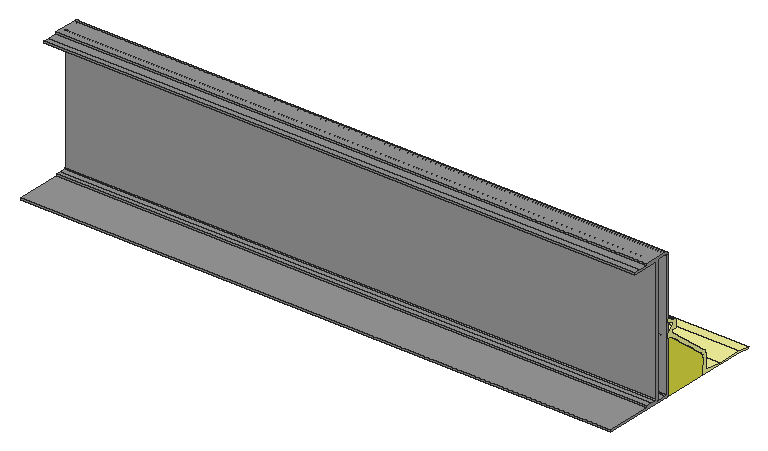
Revit family "HT HD 110", category Generic Models, Revit 2014
Parameters (values of type "Max lintel length 3600mm")
  URL = "http://keystonelintels.com/"
  Structural Opening [instance] = 900 mm
  Structural Performance = "The Keystone lintel range has safe working loads as detailed in each applicable loading table in the Keystone Lintel Guide brochure. The structural performance figures within each table have been ascertained by testing in accordance with the requirements of standards BS EN 5977-2: 1983 and BS EN 845-2: 2003."
  RIBA Productor Selector = "available for Keystone Lintels Ltd from Keystone Lintels Ltd from ribaproductselector.com"
  Model = "HT/HD 110"
  Min Length = 600 mm
  Min Clear Span = 300 mm
  Max Length = 3600 mm
  Max Clear Span = 3600 mm
  Material - Stainless Steel = "Grade 304 2b 1.4307 to BS EN 10088-2. Other grades available on request: contact manufacturer."
  Material - Galvanised Steel = "To BS EN 10346: 2009. DX51D plus Z600 or grade Z275 to BS 5977-2: 1983 (BS EN 845-2: 2003)."
  Manufacturer = "Keystone"
  Manufactured Length [instance] = (roundup(Effective Length / 150 mm) * 150 mm)  # 1200 mm
  Lintel height [instance] = 2100 mm
  Keynote = "F30/755"
  Fire Performance = "Keystone lintels have been subjected to a fire test (WARRES No. 101263) in accordance with BS 476-20: 1987, at Exova Warrington Fire and achieved a one hour fire performance."
  End Bearing = 150 mm
  Effective Length [instance] = Clear Opening with MIN MAX set + End Bearing * 2  # 1200 mm
  Corrosion = "Keystones’s standard range of lintels are manufactured from high quality grade pre-galvanized carbon steel with a zinc coating of 600"
  Contact Tel = "028 86 762184"
  Contact Email = "info@keystonelintels.co.uk"
  Clear Opening with MIN MAX set [instance] = if(Structural Opening < Min Clear Span, Min Clear Span, (if(Structural Opening > Max Clear Span, Max Clear Span, Structural Opening)))  # 900 mm
  CPD Information = "Available for Keystone Lintels Ltd from ribacpd.com"
Reference planes
  plane 1 "Center (Front/Back)": y = 0
  plane 2: z = 0
  plane 3 "Center (Left/Right)": x = 0
  plane 4: x = -600
  plane 5: x = 600
  plane 6: z = 2100
  plane 7: x = -450
  plane 8: x = 450
Forms (mm)
  Extrusion 1, solid, not visible
    sketch origin (0, 835.621, 1226.422) x (0, 1, 0) y (0, 0, 1)
      loop
        line (-575.339, 1001.778) -> (-575.049, 1004.764) -> (-595.547, 1006.754) -> (-637.132, 1006.806) -> (-667.822, 1010.213)
        arc (-667.822, 1010.213) -> (-669.753, 1011.183) -> (-670.531, 1013.199) r 3
        line (-670.531, 1013.199) -> (-670.531, 1036.479)
        arc (-670.531, 1036.479) -> (-671.494, 1040.76) -> (-674.196, 1044.217) r 10
        line (-674.196, 1044.217) -> (-743.448, 1100.913)
        arc (-743.448, 1100.913) -> (-744, 1101.507) -> (-744.373, 1102.226) r 3
        line (-744.373, 1102.226) -> (-744.373, 1106.235) -> (-736.412, 1106.235) -> (-736.412, 1116.659)
        arc (-736.412, 1116.659) -> (-737.446, 1120.32) -> (-740.242, 1122.9) r 7
        line (-740.242, 1122.9) -> (-753.858, 1129.817)
        arc (-753.858, 1129.817) -> (-754.914, 1129.722) -> (-755.291, 1128.73) r 1
        line (-755.291, 1128.73) -> (-754.331, 1123.888) -> (-745.096, 1119.197)
        arc (-745.096, 1119.197) -> (-743.229, 1116.651) -> (-744.171, 1113.638) r 3.5
        line (-744.171, 1113.638) -> (-753.331, 1104.206) -> (-753.331, 1098.614)
        arc (-753.331, 1098.614) -> (-752.745, 1097.2) -> (-751.331, 1096.614) r 2
        line (-751.331, 1096.614) -> (-746.756, 1096.614)
        arc (-746.756, 1096.614) -> (-712.668, 1070.555) -> (-680.612, 1042.034) r 576.819
        arc (-680.612, 1042.034) -> (-675.743, 1034.81) -> (-674.509, 1026.186) r 19.484
        line (-674.509, 1026.186) -> (-675.549, 1013.701) -> (-675.549, 1006.754)
        arc (-675.549, 1006.754) -> (-677.085, 1005.254) -> (-675.549, 1003.754) r 1.5
        line (-675.549, 1003.754) -> (-595.692, 1003.754) -> (-575.339, 1001.778)
    from 0 to 250
  Extrusion 2, solid, not visible
    sketch origin (0, 630.944, 1178.36) x (0, 1, 0) y (0, 0, 1)
      loop
        arc (-758.922, 1003.771) -> (-755.393, 1005.232) -> (-753.931, 1008.761) r 4.991
        line (-753.931, 1008.761) -> (-753.931, 1156.658) -> (-724.798, 1109.098)
        arc (-724.798, 1109.098) -> (-724.625, 1106.006) -> (-727.277, 1104.408) r 3
        line (-727.277, 1104.408) -> (-734.041, 1104.408) -> (-744.041, 1104.408) -> (-744.041, 1101.907) -> (-734.041, 1101.907) -> (-727.28, 1101.907)
        arc (-727.28, 1101.907) -> (-722.433, 1104.806) -> (-722.695, 1110.448) r 5.501
        line (-722.695, 1110.448) -> (-751.425, 1157.6) -> (-751.425, 1185.347) -> (-753.923, 1185.347) -> (-753.923, 1213.708)
        arc (-753.923, 1213.708) -> (-755.388, 1217.246) -> (-758.927, 1218.712) r 5.004
        line (-758.927, 1218.712) -> (-799.977, 1218.712)
        arc (-799.977, 1218.712) -> (-803.506, 1217.25) -> (-804.968, 1213.721) r 4.991
        line (-804.968, 1213.721) -> (-807.88, 1213.721)
        arc (-807.88, 1213.721) -> (-809.342, 1217.25) -> (-812.872, 1218.712) r 4.991
        line (-812.872, 1218.712) -> (-853.922, 1218.712)
        arc (-853.922, 1218.712) -> (-857.461, 1217.246) -> (-858.926, 1213.707) r 5.004
        line (-858.926, 1213.707) -> (-858.926, 1008.751)
        arc (-858.926, 1008.751) -> (-857.461, 1005.213) -> (-853.922, 1003.747) r 5.004
        line (-853.922, 1003.747) -> (-812.872, 1003.747)
        arc (-812.872, 1003.747) -> (-809.324, 1005.227) -> (-807.88, 1008.79) r 4.992
        line (-807.88, 1008.79) -> (-804.987, 1008.79)
        arc (-804.987, 1008.79) -> (-803.517, 1005.241) -> (-799.967, 1003.771) r 5.02
        line (-799.967, 1003.771) -> (-758.922, 1003.771)
      loop
        arc (-758.925, 1006.254) -> (-757.158, 1006.986) -> (-756.425, 1008.754) r 2.5
        line (-756.425, 1008.754) -> (-756.425, 1213.704)
        arc (-756.425, 1213.704) -> (-757.158, 1215.472) -> (-758.925, 1216.204) r 2.5
        line (-758.925, 1216.204) -> (-799.974, 1216.204)
        arc (-799.974, 1216.204) -> (-801.742, 1215.472) -> (-802.474, 1213.704) r 2.5
        line (-802.474, 1213.704) -> (-802.474, 1194.704) -> (-804.974, 1194.704) -> (-804.974, 1027.754) -> (-802.474, 1027.754) -> (-802.474, 1008.754)
        arc (-802.474, 1008.754) -> (-801.742, 1006.986) -> (-799.974, 1006.254) r 2.5
        line (-799.974, 1006.254) -> (-758.925, 1006.254)
      loop
        line (-807.874, 1194.704) -> (-810.374, 1194.704) -> (-810.374, 1213.704)
        arc (-810.374, 1213.704) -> (-811.106, 1215.472) -> (-812.874, 1216.204) r 2.5
        line (-812.874, 1216.204) -> (-853.923, 1216.204)
        arc (-853.923, 1216.204) -> (-855.691, 1215.472) -> (-856.423, 1213.704) r 2.5
        line (-856.423, 1213.704) -> (-856.423, 1008.754)
        arc (-856.423, 1008.754) -> (-855.691, 1006.986) -> (-853.923, 1006.254) r 2.5
        line (-853.923, 1006.254) -> (-812.874, 1006.254)
        arc (-812.874, 1006.254) -> (-811.106, 1006.986) -> (-810.374, 1008.754) r 2.5
        line (-810.374, 1008.754) -> (-810.374, 1027.754) -> (-807.874, 1027.754) -> (-807.874, 1194.704)
    from 0 to 250
  Extrusion 3, solid, not visible
    sketch origin (0, 942.122, 867.671) x (0, 1, 0) y (0, 0, 1)
      loop
        line (-758.925, 1003.754) -> (-675.549, 1003.754)
        arc (-675.549, 1003.754) -> (-677.085, 1005.254) -> (-675.549, 1006.754) r 1.5
        line (-675.549, 1006.754) -> (-675.549, 1013.701) -> (-674.509, 1026.186)
        arc (-674.509, 1026.186) -> (-675.743, 1034.81) -> (-680.612, 1042.034) r 19.484
        arc (-680.612, 1042.034) -> (-712.668, 1070.555) -> (-746.756, 1096.614) r 576.819
        line (-746.756, 1096.614) -> (-753.925, 1096.614) -> (-753.925, 1008.754)
        arc (-753.925, 1008.754) -> (-755.39, 1005.218) -> (-758.925, 1003.754) r 5
    from 0 to 250
  Extrusion 4, solid, material "GRP"
    sketch origin (0, 701.96, -495.223) x (0, 1, 0) y (0, 0, 1)
      loop
        line (-585.466, 2595.223) -> (-565.113, 2593.248) -> (-564.823, 2596.234) -> (-585.32, 2598.223) -> (-626.905, 2598.275) -> (-657.114, 2601.22)
        arc (-657.114, 2601.22) -> (-659.045, 2602.19) -> (-659.823, 2604.206) r 3
        line (-659.823, 2604.206) -> (-659.823, 2627.487)
        arc (-659.823, 2627.487) -> (-660.786, 2631.768) -> (-663.488, 2635.224) r 10
        line (-663.488, 2635.224) -> (-732.74, 2691.921)
        arc (-732.74, 2691.921) -> (-733.292, 2692.514) -> (-733.665, 2693.233) r 3
        line (-733.665, 2693.233) -> (-733.665, 2697.242) -> (-725.704, 2697.242) -> (-725.704, 2707.666)
        arc (-725.704, 2707.666) -> (-726.738, 2711.327) -> (-729.534, 2713.907) r 7
        line (-729.534, 2713.907) -> (-743.149, 2720.824)
        arc (-743.149, 2720.824) -> (-744.206, 2720.729) -> (-744.583, 2719.738) r 1
        line (-744.583, 2719.738) -> (-743.623, 2714.895) -> (-734.388, 2710.204)
        arc (-734.388, 2710.204) -> (-732.521, 2707.658) -> (-733.462, 2704.645) r 3.5
        line (-733.462, 2704.645) -> (-742.623, 2695.213) -> (-742.623, 2689.621)
        arc (-742.623, 2689.621) -> (-742.037, 2688.207) -> (-740.623, 2687.621) r 2
        line (-740.623, 2687.621) -> (-736.048, 2687.621)
        arc (-736.048, 2687.621) -> (-701.96, 2661.562) -> (-669.904, 2633.041) r 576.819
        arc (-669.904, 2633.041) -> (-665.399, 2625.967) -> (-664.283, 2617.656) r 19.5
        line (-664.283, 2617.656) -> (-665.323, 2605.171) -> (-665.323, 2598.223)
        arc (-665.323, 2598.223) -> (-666.823, 2596.723) -> (-665.323, 2595.223) r 1.5
        line (-665.323, 2595.223) -> (-585.466, 2595.223)
    from -450 to 600
  Extrusion 5, solid, material "Insulation"
    sketch origin (0, 701.96, -495.223) x (0, 1, 0) y (0, 0, 1)
      loop
        arc (-665.323, 2595.223) -> (-666.823, 2596.723) -> (-665.323, 2598.223) r 1.5
        line (-665.323, 2598.223) -> (-665.323, 2605.171) -> (-664.283, 2617.656)
        arc (-664.283, 2617.656) -> (-665.399, 2625.967) -> (-669.904, 2633.041) r 19.5
        arc (-669.904, 2633.041) -> (-701.96, 2661.562) -> (-736.048, 2687.621) r 576.819
        line (-736.048, 2687.621) -> (-743.549, 2687.621) -> (-743.549, 2599.235)
        arc (-743.549, 2599.235) -> (-744.721, 2596.406) -> (-747.549, 2595.223) r 4
        line (-747.549, 2595.223) -> (-665.323, 2595.223)
    from -450 to 600
  Extrusion 6, solid, not visible
    sketch origin (0, 1014.069, 1320.856) x (0, 1, 0) y (0, 0, 1)
      loop
        line (-585.466, 995.223) -> (-565.113, 993.248) -> (-564.823, 996.234) -> (-585.32, 998.223) -> (-626.905, 998.275) -> (-657.114, 1001.22)
        arc (-657.114, 1001.22) -> (-659.045, 1002.19) -> (-659.823, 1004.206) r 3
        line (-659.823, 1004.206) -> (-659.823, 1027.487)
        arc (-659.823, 1027.487) -> (-660.786, 1031.768) -> (-663.488, 1035.224) r 10
        line (-663.488, 1035.224) -> (-732.74, 1091.921)
        arc (-732.74, 1091.921) -> (-733.292, 1092.514) -> (-733.665, 1093.233) r 3
        line (-733.665, 1093.233) -> (-733.665, 1097.242) -> (-725.704, 1097.242) -> (-725.704, 1107.666)
        arc (-725.704, 1107.666) -> (-726.738, 1111.327) -> (-729.534, 1113.907) r 7
        line (-729.534, 1113.907) -> (-743.149, 1120.824)
        arc (-743.149, 1120.824) -> (-744.206, 1120.729) -> (-744.583, 1119.738) r 1
        line (-744.583, 1119.738) -> (-743.623, 1114.895) -> (-734.388, 1110.204)
        arc (-734.388, 1110.204) -> (-732.521, 1107.658) -> (-733.462, 1104.645) r 3.5
        line (-733.462, 1104.645) -> (-742.623, 1095.213) -> (-742.623, 1089.621)
        arc (-742.623, 1089.621) -> (-742.037, 1088.207) -> (-740.623, 1087.621) r 2
        line (-740.623, 1087.621) -> (-736.048, 1087.621)
        arc (-736.048, 1087.621) -> (-701.96, 1061.562) -> (-669.904, 1033.041) r 576.819
        arc (-669.904, 1033.041) -> (-665.399, 1025.967) -> (-664.283, 1017.656) r 19.5
        line (-664.283, 1017.656) -> (-665.323, 1005.171) -> (-665.323, 998.223)
        arc (-665.323, 998.223) -> (-666.823, 996.723) -> (-665.323, 995.223) r 1.5
        line (-665.323, 995.223) -> (-585.466, 995.223)
    from 0 to 250
  Extrusion 7, solid, not visible
    sketch origin (0, 583.055, 1257.469) x (0, 1, 0) y (0, 0, 1)
      loop
        line (-869.149, 995.235) -> (-747.549, 995.235)
        arc (-747.549, 995.235) -> (-744.721, 996.406) -> (-743.549, 999.235) r 4
        line (-743.549, 999.235) -> (-743.549, 1148.673) -> (-714.422, 1101.113)
        arc (-714.422, 1101.113) -> (-714.249, 1098.021) -> (-716.901, 1096.423) r 3
        line (-716.901, 1096.423) -> (-723.665, 1096.423) -> (-733.665, 1096.423) -> (-733.665, 1093.923) -> (-723.665, 1093.923) -> (-716.901, 1093.923)
        arc (-716.901, 1093.923) -> (-712.055, 1096.822) -> (-712.318, 1102.463) r 5.5
        line (-712.318, 1102.463) -> (-741.049, 1149.615) -> (-741.049, 1177.362) -> (-743.549, 1177.362) -> (-743.549, 1223.235)
        arc (-743.549, 1223.235) -> (-744.721, 1226.063) -> (-747.549, 1227.235) r 4
        line (-747.549, 1227.235) -> (-789.549, 1227.235) -> (-789.549, 1224.335) -> (-748.749, 1224.335)
        arc (-748.749, 1224.335) -> (-747.123, 1223.661) -> (-746.449, 1222.035) r 2.3
        line (-746.449, 1222.035) -> (-746.449, 1000.135)
        arc (-746.449, 1000.135) -> (-747.035, 998.72) -> (-748.449, 998.135) r 2
        line (-748.449, 998.135) -> (-869.149, 998.135) -> (-869.149, 995.235)
    from 0 to 250
  Extrusion 8, solid, not visible
    sketch origin (0, 1084.89, 721.48) x (0, 1, 0) y (0, 0, 1)
      loop
        line (-779.149, 998.152) -> (-770.589, 998.152)
        arc (-770.589, 998.152) -> (-767.781, 999.315) -> (-766.618, 1002.122) r 3.971
        line (-766.618, 1002.122) -> (-766.618, 1220.336)
        arc (-766.618, 1220.336) -> (-767.795, 1223.169) -> (-770.63, 1224.342) r 4.012
        line (-770.63, 1224.342) -> (-806.649, 1224.342) -> (-816.649, 1224.342) -> (-816.649, 1221.835) -> (-806.649, 1221.835) -> (-771.149, 1221.835)
        arc (-771.149, 1221.835) -> (-769.735, 1221.249) -> (-769.149, 1219.835) r 2
        line (-769.149, 1219.835) -> (-769.149, 1002.635)
        arc (-769.149, 1002.635) -> (-769.734, 1001.22) -> (-771.149, 1000.635) r 2
        line (-771.149, 1000.635) -> (-779.149, 1000.635) -> (-789.149, 1000.635) -> (-789.149, 998.152) -> (-779.149, 998.152)
    from 0 to 250
  Extrusion 9, solid, not visible
    sketch origin (0, 529.46, 877.321) x (0, 1, 0) y (0, 0, 1)
      loop
        arc (-665.323, 995.223) -> (-666.823, 996.723) -> (-665.323, 998.223) r 1.5
        line (-665.323, 998.223) -> (-665.323, 1005.171) -> (-664.283, 1017.656)
        arc (-664.283, 1017.656) -> (-665.399, 1025.967) -> (-669.904, 1033.041) r 19.5
        arc (-669.904, 1033.041) -> (-701.96, 1061.562) -> (-736.048, 1087.621) r 576.819
        line (-736.048, 1087.621) -> (-743.549, 1087.621) -> (-743.549, 999.235)
        arc (-743.549, 999.235) -> (-744.721, 996.406) -> (-747.549, 995.223) r 4
        line (-747.549, 995.223) -> (-665.323, 995.223)
    from 0 to 250
  Extrusion 10, solid, material "Steel"
    sketch origin (0, 701.96, -495.235) x (0, 1, 0) y (0, 0, 1)
      loop
        line (-869.149, 2595.235) -> (-747.549, 2595.235)
        arc (-747.549, 2595.235) -> (-744.721, 2596.406) -> (-743.549, 2599.235) r 4
        line (-743.549, 2599.235) -> (-743.549, 2823.235)
        arc (-743.549, 2823.235) -> (-744.721, 2826.063) -> (-747.549, 2827.235) r 4
        line (-747.549, 2827.235) -> (-789.549, 2827.235) -> (-789.549, 2824.335) -> (-806.649, 2824.335) -> (-816.649, 2824.335) -> (-816.649, 2821.835) -> (-806.649, 2821.835) -> (-771.149, 2821.835)
        arc (-771.149, 2821.835) -> (-769.735, 2821.249) -> (-769.149, 2819.835) r 2
        line (-769.149, 2819.835) -> (-769.149, 2602.635)
        arc (-769.149, 2602.635) -> (-769.734, 2601.22) -> (-771.149, 2600.635) r 2
        line (-771.149, 2600.635) -> (-779.149, 2600.635) -> (-789.149, 2600.635) -> (-789.149, 2598.133) -> (-869.149, 2598.133) -> (-869.149, 2595.235)
      loop
        arc (-766.651, 2602.133) -> (-767.822, 2599.307) -> (-770.648, 2598.137) r 3.997
        line (-770.648, 2598.137) -> (-748.432, 2598.137)
        arc (-748.432, 2598.137) -> (-747.022, 2598.722) -> (-746.438, 2600.133) r 1.994
        line (-746.438, 2600.133) -> (-746.449, 2822.035)
        arc (-746.449, 2822.035) -> (-747.123, 2823.661) -> (-748.749, 2824.335) r 2.3
        line (-748.749, 2824.335) -> (-770.651, 2824.335)
        arc (-770.651, 2824.335) -> (-767.847, 2823.187) -> (-766.651, 2820.402) r 4
        line (-766.651, 2820.402) -> (-766.651, 2602.133)
    from -450 to 600
  Extrusion 11, solid, not visible
    sketch origin (0, 593.04, 1226.859) x (0, 1, 0) y (0, 0, 1)
      loop
        line (-869.149, 995.235) -> (-747.549, 995.235)
        arc (-747.549, 995.235) -> (-744.721, 996.406) -> (-743.549, 999.235) r 4
        line (-743.549, 999.235) -> (-743.549, 1223.235)
        arc (-743.549, 1223.235) -> (-744.721, 1226.063) -> (-747.549, 1227.235) r 4
        line (-747.549, 1227.235) -> (-789.549, 1227.235) -> (-789.549, 1224.335) -> (-806.649, 1224.335) -> (-816.649, 1224.335) -> (-816.649, 1221.835) -> (-806.649, 1221.835) -> (-771.149, 1221.835)
        arc (-771.149, 1221.835) -> (-769.735, 1221.249) -> (-769.149, 1219.835) r 2
        line (-769.149, 1219.835) -> (-769.149, 1002.635)
        arc (-769.149, 1002.635) -> (-769.734, 1001.22) -> (-771.149, 1000.635) r 2
        line (-771.149, 1000.635) -> (-779.149, 1000.635) -> (-789.149, 1000.635) -> (-789.149, 998.133) -> (-869.149, 998.133) -> (-869.149, 995.235)
      loop
        arc (-766.651, 1002.133) -> (-767.822, 999.307) -> (-770.648, 998.137) r 3.997
        line (-770.648, 998.137) -> (-748.432, 998.137)
        arc (-748.432, 998.137) -> (-747.022, 998.722) -> (-746.438, 1000.133) r 1.994
        line (-746.438, 1000.133) -> (-746.449, 1222.035)
        arc (-746.449, 1222.035) -> (-747.123, 1223.661) -> (-748.749, 1224.335) r 2.3
        line (-748.749, 1224.335) -> (-770.651, 1224.335)
        arc (-770.651, 1224.335) -> (-767.847, 1223.187) -> (-766.651, 1220.402) r 4
        line (-766.651, 1220.402) -> (-766.651, 1002.133)
    from 0 to 250
Dimensions and locks
  equal spacing: plane 4, plane 3 "Center (Left/Right)", plane 5
  "Manufactured Length": plane 4 to plane 5
  "Lintel height": plane 6 to level
  "Structural Opening": plane 7 to plane 8
  equal spacing: plane 7, plane 3 "Center (Left/Right)", plane 8
  aligned and locked: level to plane 2
  aligned and locked: Extrusion 4 to plane 6
  aligned and locked: Extrusion 5 to plane 6
  aligned and locked: Extrusion 10 to plane 6
  aligned and locked: plane 5 to Extrusion 4
  aligned and locked: Extrusion 4 to plane 7
  aligned and locked: plane 5 to Extrusion 5
  aligned and locked: Extrusion 5 to plane 7
  aligned and locked: plane 5 to Extrusion 10
  aligned and locked: Extrusion 10 to plane 7
Automatic sketch dimensions
  Extrusion 1 sketch curve to Extrusion 1 sketch curve = 20.353 mm
  Extrusion 1 sketch curve to Extrusion 1 sketch curve = 0.29 mm
  Extrusion 1 sketch curve to Extrusion 1 sketch curve = 1.976 mm
  Extrusion 1 sketch curve to Extrusion 1 sketch curve = 2.986 mm  (x2)
  Extrusion 1 sketch curve to Extrusion 1 sketch curve = 0.145 mm
  Extrusion 1 sketch curve to Extrusion 1 sketch curve = 3 mm
  Extrusion 1 sketch curve to Extrusion 1 sketch curve = 41.44 mm
  Extrusion 1 sketch curve to Extrusion 1 sketch curve = 3.052 mm
  Extrusion 1 sketch curve to Extrusion 1 sketch curve = 38.418 mm
  Extrusion 1 sketch curve to Extrusion 1 sketch curve = 7.727 mm
  Extrusion 1 sketch curve to Extrusion 1 sketch curve = 6.459 mm
  Extrusion 1 sketch curve to Extrusion 1 sketch curve = 0.035 mm  (x2)
  Extrusion 1 sketch curve to Extrusion 1 sketch curve = 1.5 mm
  Extrusion 1 sketch curve to Extrusion 1 sketch curve = 6.948 mm
  Extrusion 1 sketch curve to Extrusion 1 sketch curve = 0.291 mm
  Extrusion 1 sketch curve to Extrusion 1 sketch curve = 23.281 mm
  Extrusion 1 sketch curve to Extrusion 1 sketch curve = 3.978 mm
  Extrusion 1 sketch curve to Extrusion 1 sketch curve = 10.293 mm
  Extrusion 1 sketch curve to Extrusion 1 sketch curve = 19.416 mm
  Extrusion 1 sketch curve to Extrusion 1 sketch curve = 1.622 mm
  Extrusion 1 sketch curve to Extrusion 1 sketch curve = 10.081 mm
  Extrusion 1 sketch curve to Extrusion 1 sketch curve = 0.081 mm
  Extrusion 1 sketch curve to Extrusion 1 sketch curve = 6.415 mm
  Extrusion 1 sketch curve to Extrusion 1 sketch curve = 404.24 mm
  Extrusion 1 sketch curve to Extrusion 1 sketch curve = 378.106 mm
  Extrusion 1 sketch curve to Extrusion 1 sketch curve = 66.145 mm
  Extrusion 1 sketch curve to Extrusion 1 sketch curve = 3.308 mm
  Extrusion 1 sketch curve to Extrusion 1 sketch curve = 4.3 mm
  Extrusion 1 sketch curve to Extrusion 1 sketch curve = 4.575 mm
  Extrusion 1 sketch curve to Extrusion 1 sketch curve = 2 mm
  Extrusion 1 sketch curve to Extrusion 1 sketch curve = 5.592 mm
  Extrusion 1 sketch curve to Extrusion 1 sketch curve = 0.722 mm
  Extrusion 1 sketch curve to Extrusion 1 sketch curve = 12.724 mm
  Extrusion 1 sketch curve to Extrusion 1 sketch curve = 0.925 mm
  Extrusion 1 sketch curve to Extrusion 1 sketch curve = 5.321 mm
  Extrusion 1 sketch curve to Extrusion 1 sketch curve = 7.961 mm
  Extrusion 1 sketch curve to Extrusion 1 sketch curve = 1.312 mm
  Extrusion 1 sketch curve to Extrusion 1 sketch curve = 3.021 mm
  Extrusion 1 sketch curve to Extrusion 1 sketch curve = 2.511 mm
  Extrusion 1 sketch curve to Extrusion 1 sketch curve = 2.438 mm
  Extrusion 1 sketch curve to Extrusion 1 sketch curve = 1.585 mm
  Extrusion 1 sketch curve to Extrusion 1 sketch curve = 9.235 mm
  Extrusion 1 sketch curve to Extrusion 1 sketch curve = 4.691 mm
  Extrusion 1 sketch curve to Extrusion 1 sketch curve = 1.684 mm
  Extrusion 1 sketch curve to Extrusion 1 sketch curve = 4.854 mm
  Extrusion 1 sketch curve to Extrusion 1 sketch curve = 0.474 mm
  Extrusion 1 sketch curve to Extrusion 1 sketch curve = 5.928 mm
  Extrusion 1 sketch curve to Extrusion 1 sketch curve = 1.434 mm
  Extrusion 1 sketch curve to Extrusion 1 sketch curve = 1.086 mm
  Extrusion 1 sketch curve to Extrusion 1 sketch curve = 0.981 mm
  Extrusion 1 sketch curve to Extrusion 1 sketch curve = 2.825 mm
  Extrusion 2 sketch curve to Extrusion 2 sketch curve = 0.003 mm  (x8)
  Extrusion 2 sketch curve to Extrusion 2 sketch curve = 0.015 mm
  Extrusion 2 sketch curve to Extrusion 2 sketch curve = 0.001 mm  (x3)
  Extrusion 2 sketch curve to Extrusion 2 sketch curve = 0 mm  (x5)
  Extrusion 2 sketch curve to Extrusion 2 sketch curve = 2.503 mm
  Extrusion 2 sketch curve to Extrusion 2 sketch curve = 2.501 mm
  Extrusion 2 sketch curve to Extrusion 2 sketch curve = 2.5 mm  (x8)
  Extrusion 2 sketch curve to Extrusion 2 sketch curve = 41.049 mm  (x2)
  Extrusion 2 sketch curve to Extrusion 2 sketch curve = 2.497 mm  (x2)
  Extrusion 2 sketch curve to Extrusion 2 sketch curve = 2.9 mm
  Extrusion 2 sketch curve to Extrusion 2 sketch curve = 2.507 mm
  Extrusion 2 sketch curve to Extrusion 2 sketch curve = 41.052 mm
  Extrusion 2 sketch curve to Extrusion 2 sketch curve = 41.05 mm
  Extrusion 2 sketch curve to Extrusion 2 sketch curve = 7.385 mm
  Extrusion 2 sketch curve to Extrusion 2 sketch curve = 10 mm
  Extrusion 2 sketch curve to Extrusion 2 sketch curve = 6.764 mm
  Extrusion 2 sketch curve to Extrusion 2 sketch curve = 2.481 mm
  Extrusion 2 sketch curve to Extrusion 2 sketch curve = 2.103 mm
  Extrusion 2 sketch curve to Extrusion 2 sketch curve = 0.036 mm  (x2)
  Extrusion 2 sketch curve to Extrusion 2 sketch curve = 19 mm
  Extrusion 2 sketch curve to Extrusion 2 sketch curve = 93.146 mm
  Extrusion 2 sketch curve to Extrusion 2 sketch curve = 1.69 mm
  Extrusion 2 sketch curve to Extrusion 2 sketch curve = 1.35 mm
  Extrusion 2 sketch curve to Extrusion 2 sketch curve = 53.192 mm
  Extrusion 2 sketch curve to Extrusion 2 sketch curve = 37.105 mm
  Extrusion 2 sketch curve to Extrusion 2 sketch curve = 19.016 mm
  Extrusion 2 sketch curve to Extrusion 2 sketch curve = 0.941 mm
  Extrusion 2 sketch curve to Extrusion 2 sketch curve = 27.747 mm
  Extrusion 2 sketch curve to Extrusion 2 sketch curve = 0.008 mm
  Extrusion 2 sketch curve to Extrusion 2 sketch curve = 0.016 mm  (x2)
  Extrusion 2 sketch curve to Extrusion 2 sketch curve = 2.506 mm
  Extrusion 2 sketch curve to Extrusion 2 sketch curve = 0.007 mm
  Extrusion 2 sketch curve to Extrusion 2 sketch curve = 2.494 mm
  Extrusion 3 sketch curve to Extrusion 3 sketch curve = 0.035 mm  (x2)
  Extrusion 3 sketch curve to Extrusion 3 sketch curve = 1.5 mm
  Extrusion 3 sketch curve to Extrusion 3 sketch curve = 6.948 mm
  Extrusion 3 sketch curve to Extrusion 3 sketch curve = 1.04 mm
  Extrusion 3 sketch curve to Extrusion 3 sketch curve = 12.485 mm
  Extrusion 3 sketch curve to Extrusion 3 sketch curve = 19.416 mm
  Extrusion 3 sketch curve to Extrusion 3 sketch curve = 1.622 mm
  Extrusion 3 sketch curve to Extrusion 3 sketch curve = 6.103 mm
  Extrusion 3 sketch curve to Extrusion 3 sketch curve = 320.864 mm
  Extrusion 3 sketch curve to Extrusion 3 sketch curve = 378.106 mm
  Extrusion 3 sketch curve to Extrusion 3 sketch curve = 66.145 mm
  Extrusion 3 sketch curve to Extrusion 3 sketch curve = 7.169 mm
  Extrusion 3 sketch curve to Extrusion 3 sketch curve = 0 mm
  Extrusion 3 sketch curve to Extrusion 3 sketch curve = 5 mm  (x2)
  Extrusion 4 sketch curve to Extrusion 4 sketch curve = 20.353 mm
  Extrusion 4 sketch curve to Extrusion 4 sketch curve = 0.29 mm
  Extrusion 4 sketch curve to Extrusion 4 sketch curve = 1.976 mm
  Extrusion 4 sketch curve to Extrusion 4 sketch curve = 2.986 mm  (x2)
  Extrusion 4 sketch curve to Extrusion 4 sketch curve = 0.145 mm
  Extrusion 4 sketch curve to Extrusion 4 sketch curve = 3 mm  (x2)
  Extrusion 4 sketch curve to Extrusion 4 sketch curve = 79.857 mm
  Extrusion 4 sketch curve to Extrusion 4 sketch curve = 38.418 mm
  Extrusion 4 sketch curve to Extrusion 4 sketch curve = 3.052 mm
  Extrusion 4 sketch curve to Extrusion 4 sketch curve = 8.209 mm
  Extrusion 4 sketch curve to Extrusion 4 sketch curve = 5.997 mm
  Extrusion 4 sketch curve to Extrusion 4 sketch curve = 1.5 mm
  Extrusion 4 sketch curve to Extrusion 4 sketch curve = 6.948 mm
  Extrusion 4 sketch curve to Extrusion 4 sketch curve = 0.291 mm
  Extrusion 4 sketch curve to Extrusion 4 sketch curve = 22.316 mm
  Extrusion 4 sketch curve to Extrusion 4 sketch curve = 4.46 mm
  Extrusion 4 sketch curve to Extrusion 4 sketch curve = 9.831 mm
  Extrusion 4 sketch curve to Extrusion 4 sketch curve = 19.433 mm
  Extrusion 4 sketch curve to Extrusion 4 sketch curve = 1.619 mm
  Extrusion 4 sketch curve to Extrusion 4 sketch curve = 10.081 mm
  Extrusion 4 sketch curve to Extrusion 4 sketch curve = 0.081 mm
  Extrusion 4 sketch curve to Extrusion 4 sketch curve = 6.415 mm
  Extrusion 4 sketch curve to Extrusion 4 sketch curve = 62.836 mm
  Extrusion 4 sketch curve to Extrusion 4 sketch curve = 58.88 mm
  Extrusion 4 sketch curve to Extrusion 4 sketch curve = 403.758 mm
  Extrusion 4 sketch curve to Extrusion 4 sketch curve = 378.569 mm
  Extrusion 4 sketch curve to Extrusion 4 sketch curve = 3.308 mm
  Extrusion 4 sketch curve to Extrusion 4 sketch curve = 4.575 mm
  Extrusion 4 sketch curve to Extrusion 4 sketch curve = 2 mm
  Extrusion 4 sketch curve to Extrusion 4 sketch curve = 5.592 mm
  Extrusion 4 sketch curve to Extrusion 4 sketch curve = 1.9 mm
  Extrusion 4 sketch curve to Extrusion 4 sketch curve = 2.321 mm
  Extrusion 4 sketch curve to Extrusion 4 sketch curve = 0.925 mm
  Extrusion 4 sketch curve to Extrusion 4 sketch curve = 5.136 mm
  Extrusion 4 sketch curve to Extrusion 4 sketch curve = 3.021 mm
  Extrusion 4 sketch curve to Extrusion 4 sketch curve = 2.511 mm
  Extrusion 4 sketch curve to Extrusion 4 sketch curve = 2.438 mm
  Extrusion 4 sketch curve to Extrusion 4 sketch curve = 1.585 mm
  Extrusion 4 sketch curve to Extrusion 4 sketch curve = 9.235 mm
  Extrusion 4 sketch curve to Extrusion 4 sketch curve = 4.691 mm
  Extrusion 4 sketch curve to Extrusion 4 sketch curve = 1.684 mm
  Extrusion 4 sketch curve to Extrusion 4 sketch curve = 4.854 mm
  Extrusion 4 sketch curve to Extrusion 4 sketch curve = 0.474 mm
  Extrusion 4 sketch curve to Extrusion 4 sketch curve = 5.928 mm
  Extrusion 4 sketch curve to Extrusion 4 sketch curve = 0.453 mm
  Extrusion 4 sketch curve to Extrusion 4 sketch curve = 0.892 mm
  Extrusion 4 sketch curve to Extrusion 4 sketch curve = 0.981 mm
  Extrusion 4 sketch curve to Extrusion 4 sketch curve = 18.879 mm
  Extrusion 4 sketch curve to Extrusion 4 sketch curve = 7.403 mm
  Extrusion 5 sketch curve to Extrusion 5 sketch curve = 0 mm  (x4)
  Extrusion 5 sketch curve to Extrusion 5 sketch curve = 4 mm
  Extrusion 5 sketch curve to Extrusion 5 sketch curve = 4.011 mm
  Extrusion 5 sketch curve to Extrusion 5 sketch curve = 88.387 mm
  Extrusion 5 sketch curve to Extrusion 5 sketch curve = 1.5 mm  (x2)
  Extrusion 5 sketch curve to Extrusion 5 sketch curve = 6.948 mm
  Extrusion 5 sketch curve to Extrusion 5 sketch curve = 1.04 mm
  Extrusion 5 sketch curve to Extrusion 5 sketch curve = 12.485 mm
  Extrusion 5 sketch curve to Extrusion 5 sketch curve = 19.433 mm
  Extrusion 5 sketch curve to Extrusion 5 sketch curve = 1.619 mm
  Extrusion 5 sketch curve to Extrusion 5 sketch curve = 5.621 mm
  Extrusion 5 sketch curve to Extrusion 5 sketch curve = 321.532 mm
  Extrusion 5 sketch curve to Extrusion 5 sketch curve = 66.145 mm
  Extrusion 5 sketch curve to Extrusion 5 sketch curve = 7.501 mm
  Extrusion 6 sketch curve to Extrusion 6 sketch curve = 20.353 mm
  Extrusion 6 sketch curve to Extrusion 6 sketch curve = 0.29 mm
  Extrusion 6 sketch curve to Extrusion 6 sketch curve = 1.976 mm
  Extrusion 6 sketch curve to Extrusion 6 sketch curve = 2.986 mm  (x2)
  Extrusion 6 sketch curve to Extrusion 6 sketch curve = 0.145 mm
  Extrusion 6 sketch curve to Extrusion 6 sketch curve = 3 mm  (x2)
  Extrusion 6 sketch curve to Extrusion 6 sketch curve = 79.857 mm
  Extrusion 6 sketch curve to Extrusion 6 sketch curve = 38.418 mm
  Extrusion 6 sketch curve to Extrusion 6 sketch curve = 3.052 mm
  Extrusion 6 sketch curve to Extrusion 6 sketch curve = 8.209 mm
  Extrusion 6 sketch curve to Extrusion 6 sketch curve = 5.997 mm
  Extrusion 6 sketch curve to Extrusion 6 sketch curve = 1.5 mm
  Extrusion 6 sketch curve to Extrusion 6 sketch curve = 6.948 mm
  Extrusion 6 sketch curve to Extrusion 6 sketch curve = 0.291 mm
  Extrusion 6 sketch curve to Extrusion 6 sketch curve = 22.316 mm
  Extrusion 6 sketch curve to Extrusion 6 sketch curve = 4.46 mm
  Extrusion 6 sketch curve to Extrusion 6 sketch curve = 9.831 mm
  Extrusion 6 sketch curve to Extrusion 6 sketch curve = 19.433 mm
  Extrusion 6 sketch curve to Extrusion 6 sketch curve = 1.619 mm
  Extrusion 6 sketch curve to Extrusion 6 sketch curve = 10.081 mm
  Extrusion 6 sketch curve to Extrusion 6 sketch curve = 0.081 mm
  Extrusion 6 sketch curve to Extrusion 6 sketch curve = 6.415 mm
  Extrusion 6 sketch curve to Extrusion 6 sketch curve = 62.836 mm
  Extrusion 6 sketch curve to Extrusion 6 sketch curve = 58.88 mm
  Extrusion 6 sketch curve to Extrusion 6 sketch curve = 403.758 mm
  Extrusion 6 sketch curve to Extrusion 6 sketch curve = 378.569 mm
  Extrusion 6 sketch curve to Extrusion 6 sketch curve = 3.308 mm
  Extrusion 6 sketch curve to Extrusion 6 sketch curve = 4.575 mm
  Extrusion 6 sketch curve to Extrusion 6 sketch curve = 2 mm
  Extrusion 6 sketch curve to Extrusion 6 sketch curve = 5.592 mm
  Extrusion 6 sketch curve to Extrusion 6 sketch curve = 1.9 mm
  Extrusion 6 sketch curve to Extrusion 6 sketch curve = 2.321 mm
  Extrusion 6 sketch curve to Extrusion 6 sketch curve = 0.925 mm
  Extrusion 6 sketch curve to Extrusion 6 sketch curve = 5.136 mm
  Extrusion 6 sketch curve to Extrusion 6 sketch curve = 3.021 mm
  Extrusion 6 sketch curve to Extrusion 6 sketch curve = 2.511 mm
  Extrusion 6 sketch curve to Extrusion 6 sketch curve = 2.438 mm
  Extrusion 6 sketch curve to Extrusion 6 sketch curve = 1.585 mm
  Extrusion 6 sketch curve to Extrusion 6 sketch curve = 9.235 mm
  Extrusion 6 sketch curve to Extrusion 6 sketch curve = 4.691 mm
  Extrusion 6 sketch curve to Extrusion 6 sketch curve = 1.684 mm
  Extrusion 6 sketch curve to Extrusion 6 sketch curve = 4.854 mm
  Extrusion 6 sketch curve to Extrusion 6 sketch curve = 0.474 mm
  Extrusion 6 sketch curve to Extrusion 6 sketch curve = 5.928 mm
  Extrusion 6 sketch curve to Extrusion 6 sketch curve = 0.453 mm
  Extrusion 6 sketch curve to Extrusion 6 sketch curve = 0.892 mm
  Extrusion 6 sketch curve to Extrusion 6 sketch curve = 0.981 mm
  Extrusion 6 sketch curve to Extrusion 6 sketch curve = 18.879 mm
  Extrusion 6 sketch curve to Extrusion 6 sketch curve = 7.403 mm
  Extrusion 7 sketch curve to Extrusion 7 sketch curve = 0 mm  (x8)
  Extrusion 7 sketch curve to Extrusion 7 sketch curve = 79.6 mm
  Extrusion 7 sketch curve to Extrusion 7 sketch curve = 40.8 mm
  Extrusion 7 sketch curve to Extrusion 7 sketch curve = 0.9 mm  (x2)
  Extrusion 7 sketch curve to Extrusion 7 sketch curve = 1.2 mm  (x3)
  Extrusion 7 sketch curve to Extrusion 7 sketch curve = 1.1 mm  (x2)
  Extrusion 7 sketch curve to Extrusion 7 sketch curve = 2.9 mm  (x4)
  Extrusion 7 sketch curve to Extrusion 7 sketch curve = 7.385 mm
  Extrusion 7 sketch curve to Extrusion 7 sketch curve = 10 mm
  Extrusion 7 sketch curve to Extrusion 7 sketch curve = 6.764 mm
  Extrusion 7 sketch curve to Extrusion 7 sketch curve = 2.479 mm
  Extrusion 7 sketch curve to Extrusion 7 sketch curve = 2.105 mm
  Extrusion 7 sketch curve to Extrusion 7 sketch curve = 93.788 mm
  Extrusion 7 sketch curve to Extrusion 7 sketch curve = 2.5 mm  (x3)
  Extrusion 7 sketch curve to Extrusion 7 sketch curve = 1.69 mm
  Extrusion 7 sketch curve to Extrusion 7 sketch curve = 1.35 mm
  Extrusion 7 sketch curve to Extrusion 7 sketch curve = 53.192 mm
  Extrusion 7 sketch curve to Extrusion 7 sketch curve = 72.42 mm
  Extrusion 7 sketch curve to Extrusion 7 sketch curve = 0.941 mm
  Extrusion 7 sketch curve to Extrusion 7 sketch curve = 27.747 mm
  Extrusion 7 sketch curve to Extrusion 7 sketch curve = 14.785 mm
  Extrusion 8 sketch curve to Extrusion 8 sketch curve = 10 mm  (x2)
  Extrusion 8 sketch curve to Extrusion 8 sketch curve = 0 mm  (x6)
  Extrusion 8 sketch curve to Extrusion 8 sketch curve = 17.5 mm
  Extrusion 8 sketch curve to Extrusion 8 sketch curve = 8.001 mm
  Extrusion 8 sketch curve to Extrusion 8 sketch curve = 0.56 mm
  Extrusion 8 sketch curve to Extrusion 8 sketch curve = 0.519 mm
  Extrusion 8 sketch curve to Extrusion 8 sketch curve = 2.483 mm
  Extrusion 8 sketch curve to Extrusion 8 sketch curve = 1.488 mm
  Extrusion 8 sketch curve to Extrusion 8 sketch curve = 0.512 mm
  Extrusion 8 sketch curve to Extrusion 8 sketch curve = 217.2 mm
  Extrusion 8 sketch curve to Extrusion 8 sketch curve = 0.495 mm
  Extrusion 8 sketch curve to Extrusion 8 sketch curve = 0.502 mm
  Extrusion 8 sketch curve to Extrusion 8 sketch curve = 2.507 mm
  Extrusion 8 sketch curve to Extrusion 8 sketch curve = 1.481 mm
  Extrusion 8 sketch curve to Extrusion 8 sketch curve = 0.001 mm
  Extrusion 9 sketch curve to Extrusion 9 sketch curve = 0 mm  (x4)
  Extrusion 9 sketch curve to Extrusion 9 sketch curve = 4 mm
  Extrusion 9 sketch curve to Extrusion 9 sketch curve = 4.011 mm
  Extrusion 9 sketch curve to Extrusion 9 sketch curve = 88.387 mm
  Extrusion 9 sketch curve to Extrusion 9 sketch curve = 1.5 mm  (x2)
  Extrusion 9 sketch curve to Extrusion 9 sketch curve = 6.948 mm
  Extrusion 9 sketch curve to Extrusion 9 sketch curve = 1.04 mm
  Extrusion 9 sketch curve to Extrusion 9 sketch curve = 12.485 mm
  Extrusion 9 sketch curve to Extrusion 9 sketch curve = 19.433 mm
  Extrusion 9 sketch curve to Extrusion 9 sketch curve = 1.619 mm
  Extrusion 9 sketch curve to Extrusion 9 sketch curve = 5.621 mm
  Extrusion 9 sketch curve to Extrusion 9 sketch curve = 321.532 mm
  Extrusion 9 sketch curve to Extrusion 9 sketch curve = 66.145 mm
  Extrusion 9 sketch curve to Extrusion 9 sketch curve = 7.501 mm
  Extrusion 10 sketch curve to Extrusion 10 sketch curve = 52.5 mm
  Extrusion 10 sketch curve to Extrusion 10 sketch curve = 10 mm
  Extrusion 10 sketch curve to Extrusion 10 sketch curve = 0 mm  (x6)
  Extrusion 10 sketch curve to Extrusion 10 sketch curve = 17.1 mm
  Extrusion 10 sketch curve to Extrusion 10 sketch curve = 18.001 mm
  Extrusion 10 sketch curve to Extrusion 10 sketch curve = 18.4 mm
  Extrusion 10 sketch curve to Extrusion 10 sketch curve = 0.501 mm  (x2)
  Extrusion 10 sketch curve to Extrusion 10 sketch curve = 4 mm
  Extrusion 10 sketch curve to Extrusion 10 sketch curve = 17.902 mm
  Extrusion 10 sketch curve to Extrusion 10 sketch curve = 18.219 mm
  Extrusion 10 sketch curve to Extrusion 10 sketch curve = 0.883 mm
  Extrusion 10 sketch curve to Extrusion 10 sketch curve = 1.2 mm  (x3)
  Extrusion 10 sketch curve to Extrusion 10 sketch curve = 1.111 mm
  Extrusion 10 sketch curve to Extrusion 10 sketch curve = 1.1 mm
  Extrusion 10 sketch curve to Extrusion 10 sketch curve = 2.889 mm
  Extrusion 10 sketch curve to Extrusion 10 sketch curve = 2.9 mm
  Extrusion 10 sketch curve to Extrusion 10 sketch curve = 2.898 mm
  Extrusion 10 sketch curve to Extrusion 10 sketch curve = 0.898 mm
  Extrusion 10 sketch curve to Extrusion 10 sketch curve = 0.897 mm
  Extrusion 10 sketch curve to Extrusion 10 sketch curve = 1.499 mm
  Extrusion 10 sketch curve to Extrusion 10 sketch curve = 217.2 mm
  Extrusion 10 sketch curve to Extrusion 10 sketch curve = 0.5 mm
  Extrusion 10 sketch curve to Extrusion 10 sketch curve = 0.568 mm
  Extrusion 10 sketch curve to Extrusion 10 sketch curve = 2.5 mm
  Extrusion 10 sketch curve to Extrusion 10 sketch curve = 0.2 mm
  Extrusion 10 sketch curve to Extrusion 10 sketch curve = 8.001 mm
  Extrusion 10 sketch curve to Extrusion 10 sketch curve = 1.502 mm
  Extrusion 10 sketch curve to Extrusion 10 sketch curve = 0.001 mm
  Extrusion 10 sketch curve to Extrusion 10 sketch curve = 4.498 mm
  Extrusion 10 sketch curve to Extrusion 10 sketch curve = 2.502 mm
  Extrusion 10 sketch curve to Extrusion 10 sketch curve = 98.501 mm
  Extrusion 10 sketch curve to Extrusion 10 sketch curve = 18.501 mm
  Extrusion 10 sketch curve to Extrusion 10 sketch curve = 18.898 mm
  Extrusion 10 sketch curve to Extrusion 10 sketch curve = 0.498 mm
  Extrusion 11 sketch curve to Extrusion 11 sketch curve = 52.5 mm
  Extrusion 11 sketch curve to Extrusion 11 sketch curve = 10 mm
  Extrusion 11 sketch curve to Extrusion 11 sketch curve = 0 mm  (x6)
  Extrusion 11 sketch curve to Extrusion 11 sketch curve = 17.1 mm
  Extrusion 11 sketch curve to Extrusion 11 sketch curve = 18.001 mm
  Extrusion 11 sketch curve to Extrusion 11 sketch curve = 18.4 mm
  Extrusion 11 sketch curve to Extrusion 11 sketch curve = 0.501 mm  (x2)
  Extrusion 11 sketch curve to Extrusion 11 sketch curve = 4 mm
  Extrusion 11 sketch curve to Extrusion 11 sketch curve = 17.902 mm
  Extrusion 11 sketch curve to Extrusion 11 sketch curve = 18.219 mm
  Extrusion 11 sketch curve to Extrusion 11 sketch curve = 0.883 mm
  Extrusion 11 sketch curve to Extrusion 11 sketch curve = 1.2 mm  (x3)
  Extrusion 11 sketch curve to Extrusion 11 sketch curve = 1.111 mm
  Extrusion 11 sketch curve to Extrusion 11 sketch curve = 1.1 mm
  Extrusion 11 sketch curve to Extrusion 11 sketch curve = 2.889 mm
  Extrusion 11 sketch curve to Extrusion 11 sketch curve = 2.9 mm
  Extrusion 11 sketch curve to Extrusion 11 sketch curve = 2.898 mm
  Extrusion 11 sketch curve to Extrusion 11 sketch curve = 0.898 mm
  Extrusion 11 sketch curve to Extrusion 11 sketch curve = 0.897 mm
  Extrusion 11 sketch curve to Extrusion 11 sketch curve = 1.499 mm
  Extrusion 11 sketch curve to Extrusion 11 sketch curve = 217.2 mm
  Extrusion 11 sketch curve to Extrusion 11 sketch curve = 0.5 mm
  Extrusion 11 sketch curve to Extrusion 11 sketch curve = 0.568 mm
  Extrusion 11 sketch curve to Extrusion 11 sketch curve = 2.5 mm
  Extrusion 11 sketch curve to Extrusion 11 sketch curve = 0.2 mm
  Extrusion 11 sketch curve to Extrusion 11 sketch curve = 8.001 mm
  Extrusion 11 sketch curve to Extrusion 11 sketch curve = 1.502 mm
  Extrusion 11 sketch curve to Extrusion 11 sketch curve = 0.001 mm
  Extrusion 11 sketch curve to Extrusion 11 sketch curve = 4.498 mm
  Extrusion 11 sketch curve to Extrusion 11 sketch curve = 2.502 mm
  Extrusion 11 sketch curve to Extrusion 11 sketch curve = 98.501 mm
  Extrusion 11 sketch curve to Extrusion 11 sketch curve = 18.501 mm
  Extrusion 11 sketch curve to Extrusion 11 sketch curve = 18.898 mm
  Extrusion 11 sketch curve to Extrusion 11 sketch curve = 0.498 mm
  Extrusion 10 sketch curve to plane 6 = 0 mm
  plane 1 "Center (Front/Back)" to Extrusion 10 sketch curve = 167.189 mm
  Extrusion 5 sketch curve to plane 6 = 0 mm
  plane 1 "Center (Front/Back)" to Extrusion 5 sketch curve = 367.121 mm
  Extrusion 4 sketch curve to plane 6 = 0 mm
  plane 1 "Center (Front/Back)" to Extrusion 4 sketch curve = 367.121 mm
